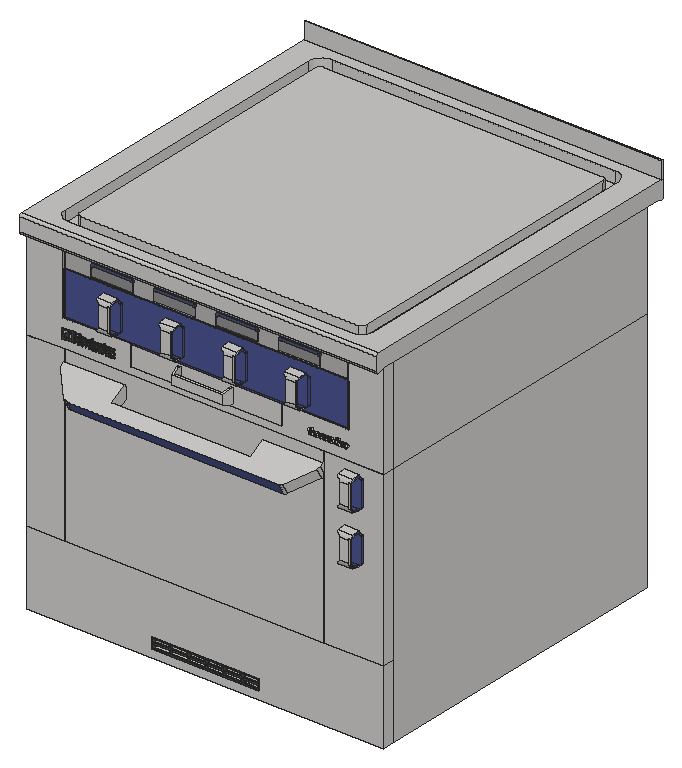
Revit family "QF_ELECTROLUXPROFESSIONAL_588426_MATGFBH8AO", category Attrezzature speciali, Revit 2020 (continued)
Definition of nested family "Front_Panel_W800_Four Knobs"
  Definition of nested family "ELX_Professional_Logo_Small"
    Forms (mm)
      Extrusion 2, solid, material <- "Material_Logo"
        sketch origin (15.5, 0, 0) x (1, 0, 0) y (0, 1, 0)
          loop
            spline (-26.936, -1.713) -> (-27.384, -1.691) -> (-27.805, -1.625) -> (-28.196, -1.518) -> (-28.556, -1.372) -> (-28.882, -1.187) -> (-29.174, -0.966) -> (-29.429, -0.71) -> (-29.645, -0.422) -> (-29.821, -0.102) -> (-29.955, 0.247) -> (-30.045, 0.623) -> (-30.089, 1.026)
            line (-30.089, 1.026) -> (-21.956, 1.026) -> (-21.915, 1.897)
          loop
            spline (-24.446, 2.769) -> (-24.47, 3.075) -> (-24.54, 3.37) -> (-24.654, 3.65) -> (-24.807, 3.913) -> (-24.996, 4.156) -> (-25.219, 4.376) -> (-25.472, 4.57) -> (-25.753, 4.736) -> (-26.057, 4.869) -> (-26.382, 4.968) -> (-26.724, 5.03) -> (-27.081, 5.051)
            spline (-27.081, 5.051) -> (-27.464, 5.03) -> (-27.832, 4.97) -> (-28.183, 4.872) -> (-28.513, 4.74) -> (-28.819, 4.577) -> (-29.099, 4.384) -> (-29.347, 4.165) -> (-29.563, 3.923) -> (-29.742, 3.659) -> (-29.881, 3.377) -> (-29.977, 3.079) -> (-30.027, 2.769)
            line (-30.027, 2.769) -> (-24.446, 2.769)
          loop
            spline (-18.167, 1.669) -> (-18.138, 2.13) -> (-18.055, 2.567) -> (-17.921, 2.978) -> (-17.739, 3.358) -> (-17.512, 3.705) -> (-17.243, 4.016) -> (-16.937, 4.287) -> (-16.596, 4.517) -> (-16.223, 4.7) -> (-15.823, 4.835) -> (-15.398, 4.919) -> (-14.951, 4.947)
            spline (-14.951, 4.947) -> (-14.677, 4.938) -> (-14.414, 4.913) -> (-14.162, 4.871) -> (-13.921, 4.812) -> (-13.69, 4.738) -> (-13.467, 4.649) -> (-13.254, 4.544) -> (-13.048, 4.424) -> (-12.85, 4.291) -> (-12.659, 4.143) -> (-12.474, 3.981) -> (-12.295, 3.806)
            line (-12.295, 3.806) -> (-10.76, 5.403)
            spline (-10.76, 5.403) -> (-11.065, 5.709) -> (-11.38, 5.984) -> (-11.703, 6.228) -> (-12.035, 6.443) -> (-12.375, 6.63) -> (-12.723, 6.788) -> (-13.078, 6.92) -> (-13.44, 7.026) -> (-13.809, 7.107) -> (-14.184, 7.164) -> (-14.564, 7.198) -> (-14.951, 7.209)
            spline (-14.951, 7.209) -> (-15.725, 7.161) -> (-16.467, 7.02) -> (-17.169, 6.792) -> (-17.826, 6.482) -> (-18.43, 6.096) -> (-18.976, 5.637) -> (-19.455, 5.112) -> (-19.862, 4.525) -> (-20.19, 3.882) -> (-20.433, 3.189) -> (-20.584, 2.449) -> (-20.635, 1.669)
            spline (-20.635, 1.669) -> (-20.584, 0.889) -> (-20.433, 0.149) -> (-20.19, -0.545) -> (-19.862, -1.187) -> (-19.455, -1.774) -> (-18.976, -2.299) -> (-18.43, -2.758) -> (-17.826, -3.145) -> (-17.169, -3.454) -> (-16.467, -3.682) -> (-15.725, -3.823) -> (-14.951, -3.871)
            spline (-14.951, -3.871) -> (-14.564, -3.86) -> (-14.184, -3.826) -> (-13.809, -3.77) -> (-13.44, -3.689) -> (-13.078, -3.583) -> (-12.723, -3.451) -> (-12.375, -3.292) -> (-12.035, -3.105) -> (-11.703, -2.89) -> (-11.38, -2.646) -> (-11.065, -2.371) -> (-10.76, -2.066)
            line (-10.76, -2.066) -> (-12.295, -0.468)
            spline (-12.295, -0.468) -> (-12.474, -0.643) -> (-12.659, -0.805) -> (-12.85, -0.953) -> (-13.048, -1.087) -> (-13.254, -1.206) -> (-13.467, -1.311) -> (-13.69, -1.4) -> (-13.921, -1.475) -> (-14.162, -1.533) -> (-14.414, -1.575) -> (-14.677, -1.6) -> (-14.951, -1.609)
            spline (-14.951, -1.609) -> (-15.398, -1.581) -> (-15.823, -1.497) -> (-16.223, -1.362) -> (-16.596, -1.179) -> (-16.937, -0.95) -> (-17.243, -0.678) -> (-17.512, -0.367) -> (-17.739, -0.02) -> (-17.921, 0.36) -> (-18.055, 0.771) -> (-18.138, 1.208) -> (-18.167, 1.669)
          loop
            spline (-4.441, -1.243) -> (-4.659, -1.247) -> (-4.894, -1.23) -> (-5.137, -1.19) -> (-5.384, -1.121) -> (-5.628, -1.021) -> (-5.864, -0.884) -> (-6.084, -0.708) -> (-6.283, -0.488) -> (-6.454, -0.219) -> (-6.592, 0.101) -> (-6.69, 0.478) -> (-6.742, 0.914)
            line (-6.742, 0.914) -> (-6.742, 4.587) -> (-4.487, 4.587) -> (-4.487, 6.838) -> (-6.738, 6.838) -> (-6.738, 10.824) -> (-9.217, 10.824) -> (-9.217, 0.773)
            spline (-9.217, 0.773) -> (-9.164, 0.19) -> (-9.068, -0.358) -> (-8.928, -0.87) -> (-8.742, -1.343) -> (-8.511, -1.777) -> (-8.232, -2.168) -> (-7.904, -2.515) -> (-7.527, -2.816) -> (-7.098, -3.069) -> (-6.618, -3.273) -> (-6.084, -3.426) -> (-5.496, -3.525)
            line (-5.496, -3.525) -> (-4.45, -3.573) -> (-4.441, -1.243)
          loop
            spline (3.898, 6.983) -> (3.469, 7.009) -> (3.056, 7.001) -> (2.661, 6.961) -> (2.283, 6.888) -> (1.925, 6.785) -> (1.588, 6.652) -> (1.272, 6.49) -> (0.979, 6.301) -> (0.71, 6.085) -> (0.465, 5.844) -> (0.247, 5.578) -> (0.056, 5.289)
            line (0.056, 5.289) -> (0.056, 6.838) -> (-2.402, 6.838) -> (-2.402, -3.572) -> (0.056, -3.572) -> (0.056, 1.901)
            spline (0.056, 1.901) -> (0.079, 2.316) -> (0.145, 2.703) -> (0.254, 3.06) -> (0.404, 3.386) -> (0.592, 3.679) -> (0.818, 3.938) -> (1.08, 4.162) -> (1.375, 4.348) -> (1.703, 4.495) -> (2.062, 4.602) -> (2.45, 4.668) -> (2.865, 4.69)
            line (2.865, 4.69) -> (3.898, 4.586) -> (3.898, 6.983)
          loop
            spline (15.638, 1.633) -> (15.586, 2.396) -> (15.435, 3.124) -> (15.192, 3.81) -> (14.863, 4.449) -> (14.455, 5.034) -> (13.975, 5.56) -> (13.43, 6.021) -> (12.826, 6.411) -> (12.17, 6.724) -> (11.469, 6.955) -> (10.729, 7.098) -> (9.958, 7.147)
            spline (9.958, 7.147) -> (9.182, 7.098) -> (8.44, 6.955) -> (7.737, 6.724) -> (7.081, 6.411) -> (6.477, 6.021) -> (5.933, 5.56) -> (5.454, 5.034) -> (5.048, 4.449) -> (4.721, 3.81) -> (4.479, 3.124) -> (4.329, 2.396) -> (4.277, 1.633)
            spline (4.277, 1.633) -> (4.329, 0.869) -> (4.479, 0.141) -> (4.721, -0.544) -> (5.048, -1.183) -> (5.454, -1.768) -> (5.933, -2.294) -> (6.477, -2.755) -> (7.081, -3.145) -> (7.737, -3.459) -> (8.44, -3.69) -> (9.182, -3.833) -> (9.958, -3.882)
            spline (9.958, -3.882) -> (10.729, -3.833) -> (11.469, -3.69) -> (12.17, -3.459) -> (12.826, -3.145) -> (13.43, -2.755) -> (13.975, -2.294) -> (14.455, -1.768) -> (14.863, -1.183) -> (15.192, -0.544) -> (15.435, 0.141) -> (15.586, 0.869) -> (15.638, 1.633)
          loop
            spline (13.18, 1.633) -> (13.151, 2.083) -> (13.067, 2.513) -> (12.932, 2.918) -> (12.748, 3.296) -> (12.52, 3.642) -> (12.251, 3.954) -> (11.943, 4.227) -> (11.601, 4.459) -> (11.228, 4.645) -> (10.828, 4.782) -> (10.403, 4.867) -> (9.958, 4.896)
            spline (9.958, 4.896) -> (9.509, 4.867) -> (9.081, 4.782) -> (8.679, 4.645) -> (8.306, 4.459) -> (7.964, 4.227) -> (7.658, 3.954) -> (7.39, 3.642) -> (7.163, 3.296) -> (6.981, 2.918) -> (6.847, 2.513) -> (6.765, 2.083) -> (6.736, 1.633)
            spline (6.736, 1.633) -> (6.765, 1.182) -> (6.847, 0.753) -> (6.981, 0.347) -> (7.163, -0.031) -> (7.39, -0.377) -> (7.658, -0.689) -> (7.964, -0.962) -> (8.306, -1.193) -> (8.679, -1.38) -> (9.081, -1.517) -> (9.509, -1.602) -> (9.958, -1.631)
            spline (9.958, -1.631) -> (10.403, -1.602) -> (10.828, -1.517) -> (11.228, -1.38) -> (11.601, -1.193) -> (11.943, -0.962) -> (12.251, -0.689) -> (12.52, -0.377) -> (12.748, -0.031) -> (12.932, 0.347) -> (13.067, 0.753) -> (13.151, 1.182) -> (13.18, 1.633)
          loop
            line (17.162, 4.269) -> (17.162, -3.573) -> (19.642, -3.573) -> (19.642, 10.824) -> (17.162, 10.824) -> (17.162, 4.269)
          loop
            line (28.581, 6.838) -> (28.581, 0.786)
            spline (28.581, 0.786) -> (28.561, 0.393) -> (28.503, 0.038) -> (28.409, -0.279) -> (28.281, -0.559) -> (28.122, -0.802) -> (27.933, -1.011) -> (27.717, -1.185) -> (27.476, -1.325) -> (27.213, -1.433) -> (26.929, -1.509) -> (26.626, -1.554) -> (26.308, -1.569)
            spline (26.308, -1.569) -> (25.99, -1.554) -> (25.688, -1.509) -> (25.404, -1.434) -> (25.141, -1.326) -> (24.9, -1.187) -> (24.684, -1.014) -> (24.496, -0.807) -> (24.336, -0.565) -> (24.209, -0.288) -> (24.115, 0.026) -> (24.057, 0.376) -> (24.037, 0.765)
            line (24.037, 0.765) -> (24.037, 6.838) -> (21.537, 6.838) -> (21.537, 0.558)
            spline (21.537, 0.558) -> (21.581, -0.153) -> (21.71, -0.8) -> (21.916, -1.384) -> (22.195, -1.904) -> (22.54, -2.362) -> (22.944, -2.757) -> (23.403, -3.09) -> (23.909, -3.362) -> (24.456, -3.572) -> (25.04, -3.722) -> (25.652, -3.811) -> (26.288, -3.841)
            spline (26.288, -3.841) -> (26.929, -3.811) -> (27.547, -3.72) -> (28.135, -3.568) -> (28.687, -3.355) -> (29.197, -3.079) -> (29.66, -2.741) -> (30.068, -2.341) -> (30.415, -1.877) -> (30.696, -1.349) -> (30.905, -0.757) -> (31.034, -0.101) -> (31.079, 0.621)
            line (31.079, 0.621) -> (31.079, 6.838) -> (28.581, 6.838)
          loop
            line (40.457, -0.243) -> (38.894, 1.942) -> (40.83, 4.579) -> (42.488, 6.837) -> (39.782, 6.837) -> (37.53, 3.719) -> (35.258, 6.837) -> (32.573, 6.837) -> (34.113, 4.731) -> (36.167, 1.922) -> (34.014, -1.076) -> (32.222, -3.573) -> (34.887, -3.573) -> (37.53, 0.104) -> (40.174, -3.573) -> (42.839, -3.573) -> (40.457, -0.243)
          loop
            line (-46.121, -5.837) -> (-48.039, -5.837) -> (-48.039, -10.814) -> (-47.016, -10.814) -> (-47.016, -9.128) -> (-46.121, -9.128)
            arc (-46.121, -9.128) -> (-44.476, -7.482) -> (-46.121, -5.837) r 1.645
          loop
            line (-46.163, -6.778) -> (-47.016, -6.778) -> (-47.016, -8.187) -> (-46.163, -8.187)
            arc (-46.163, -8.187) -> (-45.458, -7.482) -> (-46.163, -6.778) r 0.704
          loop
            line (-38.313, -5.837) -> (-40.265, -5.837) -> (-40.265, -10.814) -> (-39.241, -10.814) -> (-39.241, -9.1) -> (-38.46, -9.182) -> (-37.48, -10.814) -> (-36.318, -10.814) -> (-37.513, -8.848)
            arc (-37.513, -8.848) -> (-36.888, -8.266) -> (-36.671, -7.441) r 1.536
            arc (-36.671, -7.441) -> (-37.165, -6.305) -> (-38.313, -5.837) r 1.643
          loop
            arc (-38.402, -8.166) -> (-37.707, -7.505) -> (-38.334, -6.778) r 0.696
            line (-38.334, -6.778) -> (-39.241, -6.778) -> (-39.241, -8.166) -> (-38.402, -8.166)
          loop
            circle (-29.965, -8.325) r 2.585
          loop
            circle (-29.965, -8.325) r 1.64
          loop
            line (-23.1, -5.837) -> (-23.1, -10.814) -> (-22.076, -10.814) -> (-22.076, -8.768) -> (-20.204, -8.768) -> (-20.204, -7.828) -> (-22.076, -7.828) -> (-22.076, -6.778) -> (-20.024, -6.778) -> (-20.024, -5.837) -> (-23.1, -5.837)
          loop
            line (-15.802, -5.837) -> (-15.802, -9.2)
            arc (-15.802, -9.2) -> (-15.343, -10.34) -> (-14.209, -10.814) r 1.593
            line (-14.209, -10.814) -> (-12.602, -10.814) -> (-12.602, -10.027) -> (-14.004, -10.027)
            arc (-14.004, -10.027) -> (-14.552, -9.8) -> (-14.779, -9.252) r 0.775
            line (-14.779, -9.252) -> (-14.779, -8.424) -> (-12.789, -8.424) -> (-12.789, -7.642) -> (-14.779, -7.642) -> (-14.779, -6.778) -> (-12.651, -6.778) -> (-12.651, -5.837) -> (-15.802, -5.837)
          loop
            line (-5.909, -7.143) -> (-5.173, -6.638)
            arc (-5.173, -6.638) -> (-5.855, -5.974) -> (-6.781, -5.755) r 1.782
            arc (-6.781, -5.755) -> (-7.397, -5.878) -> (-7.944, -6.189) r 1.974
            arc (-7.944, -6.189) -> (-8.202, -6.5) -> (-8.317, -6.888) r 1.013
            arc (-8.317, -6.888) -> (-8.306, -7.341) -> (-8.192, -7.78) r 1.985
            arc (-8.192, -7.78) -> (-7.749, -8.259) -> (-7.171, -8.563) r 1.928
            arc (-7.171, -8.563) -> (-6.637, -8.779) -> (-6.131, -9.056) r 5.041
            arc (-6.131, -9.056) -> (-5.934, -9.387) -> (-6.09, -9.74) r 0.42
            arc (-6.09, -9.74) -> (-6.631, -9.96) -> (-7.204, -9.845) r 1.016
            arc (-7.204, -9.845) -> (-7.625, -9.603) -> (-7.889, -9.196) r 1.033
            line (-7.889, -9.196) -> (-8.67, -9.686)
            arc (-8.67, -9.686) -> (-8.361, -10.198) -> (-7.908, -10.589) r 1.914
            arc (-7.908, -10.589) -> (-7.334, -10.834) -> (-6.714, -10.896) r 2.063
            arc (-6.714, -10.896) -> (-5.947, -10.743) -> (-5.256, -10.376) r 2.696
            arc (-5.256, -10.376) -> (-4.95, -9.565) -> (-5.108, -8.712) r 1.618
            arc (-5.108, -8.712) -> (-5.448, -8.319) -> (-5.884, -8.035) r 1.876
            arc (-5.884, -8.035) -> (-6.434, -7.789) -> (-6.999, -7.577) r 9.883
            arc (-6.999, -7.577) -> (-7.325, -7.07) -> (-6.854, -6.694) r 0.45
            arc (-6.854, -6.694) -> (-6.329, -6.809) -> (-5.909, -7.143) r 1.197
          loop
            line (1.61, -7.143) -> (2.345, -6.638)
            arc (2.345, -6.638) -> (1.663, -5.974) -> (0.737, -5.755) r 1.782
            arc (0.737, -5.755) -> (0.121, -5.878) -> (-0.425, -6.189) r 1.974
            arc (-0.425, -6.189) -> (-0.683, -6.5) -> (-0.799, -6.888) r 1.013
            arc (-0.799, -6.888) -> (-0.788, -7.341) -> (-0.674, -7.78) r 1.985
            arc (-0.674, -7.78) -> (-0.231, -8.259) -> (0.347, -8.563) r 1.928
            arc (0.347, -8.563) -> (0.881, -8.779) -> (1.387, -9.056) r 5.041
            arc (1.387, -9.056) -> (1.584, -9.387) -> (1.428, -9.74) r 0.42
            arc (1.428, -9.74) -> (0.887, -9.96) -> (0.314, -9.845) r 1.016
            arc (0.314, -9.845) -> (-0.107, -9.603) -> (-0.371, -9.196) r 1.033
            line (-0.371, -9.196) -> (-1.152, -9.686)
            arc (-1.152, -9.686) -> (-0.842, -10.198) -> (-0.39, -10.589) r 1.914
            arc (-0.39, -10.589) -> (0.184, -10.834) -> (0.804, -10.896) r 2.063
            arc (0.804, -10.896) -> (1.572, -10.743) -> (2.263, -10.376) r 2.696
            arc (2.263, -10.376) -> (2.568, -9.565) -> (2.411, -8.712) r 1.618
            arc (2.411, -8.712) -> (2.07, -8.319) -> (1.635, -8.035) r 1.876
            arc (1.635, -8.035) -> (1.084, -7.789) -> (0.519, -7.577) r 9.883
            arc (0.519, -7.577) -> (0.193, -7.07) -> (0.665, -6.694) r 0.45
            arc (0.665, -6.694) -> (1.189, -6.809) -> (1.61, -7.143) r 1.197
          loop
            line (6.801, -5.837) -> (6.801, -10.814) -> (7.825, -10.814) -> (7.825, -5.837) -> (6.801, -5.837)
          loop
            circle (14.724, -8.325) r 1.548
          loop
            circle (14.724, -8.325) r 2.585
          loop
            line (21.59, -10.814) -> (22.623, -10.814) -> (22.623, -7.685) -> (24.9, -10.814) -> (25.895, -10.814) -> (25.895, -5.837) -> (24.861, -5.837) -> (24.861, -9.061) -> (22.585, -5.837) -> (21.59, -5.837) -> (21.59, -10.814)
          loop
            line (31.054, -10.814) -> (31.539, -9.74) -> (33.38, -9.74) -> (33.865, -10.814) -> (34.965, -10.814) -> (32.46, -5.837) -> (29.956, -10.814) -> (31.054, -10.814)
          loop
            line (32.46, -7.698) -> (31.999, -8.719) -> (32.921, -8.719) -> (32.46, -7.698)
          loop
            line (40.047, -9.873) -> (40.047, -5.837) -> (39.024, -5.837) -> (39.024, -10.814) -> (41.961, -10.814) -> (41.961, -9.873) -> (40.047, -9.873)
          loop
            line (-74.986, -10.814) -> (-53.322, -10.814) -> (-53.322, 10.82) -> (-74.986, 10.82) -> (-74.986, -10.814)
          loop
            line (-61.261, 9.758) -> (-61.261, -9.707)
            arc (-61.261, -9.707) -> (-54.066, 0.025) -> (-61.261, 9.758) r 10.18
          loop
            line (-62.251, 8.349) -> (-62.251, 9.758)
            arc (-62.251, 9.758) -> (-70.347, 7.918) -> (-74.247, 0.59) r 9.976
            line (-74.247, 0.59) -> (-71.026, 0.59)
            arc (-71.026, 0.59) -> (-65.274, 2.925) -> (-62.251, 8.349) r 9.351
          loop
            arc (-74.247, -0.539) -> (-70.353, -7.928) -> (-62.251, -9.957) r 10.237
            line (-62.251, -9.957) -> (-62.251, -8.298)
            arc (-62.251, -8.298) -> (-65.274, -2.874) -> (-71.026, -0.539) r 9.351
            line (-71.026, -0.539) -> (-74.247, -0.539)
        from 0 to 1.644
    Dimensions and locks
      aligned and locked: plane 2 to Extrusion 1
      aligned and locked: level to Extrusion 1
